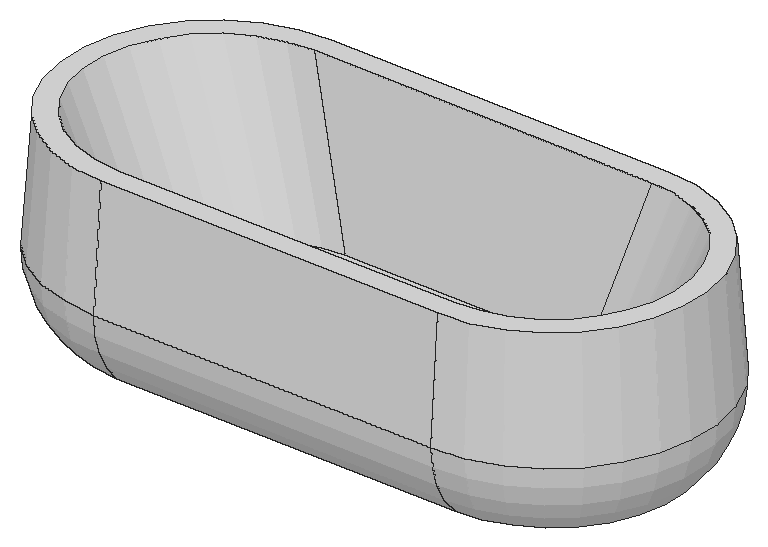
Revit family "Reece_Bath_LAUFEN_ILBAGNOALESSI ONE_Freestanding Bath_1830 mm", category Plumbing Fixtures, Revit 2018
Family settings
  Round Connector Dimension = Use Diameter
  Part Type = Normal
  Work Plane-Based = Yes
  Always vertical = Yes
  Cut with Voids When Loaded = Yes
  Shared = Yes
  Room Calculation Point = Yes
Parameters (values of type "240 L_Sentec Solid Surface_White")
  URL = "https://www.reece.com.au/product/-1708303"
  Type Comments = "Bath"
  Reece_Product_Web Page = "https://www.reece.com.au/product/-1708303"
  Reece_Product_Type = "Bath"  # constant formula
  Reece_Product_Sub Brand = "ILBAGNOALESSI ONE"  # constant formula
  Reece_Product_Number = "1708303"
  Reece_Product_Mount = "Floor Mounted"
  Reece_Product_Description = "LAUFEN Alessi Freestanding Bath with Overflow 1830 x 870 Sentec White"
  Reece_Product_Brand = "LAUFEN"  # constant formula
  Reece_Overall_Width = 870 mm  # constant formula
  Reece_Overall_Length = 1830 mm  # constant formula
  Reece_Overall_Height = 530 mm  # constant formula
  Reece_Overall_Capacity = 240 L  # constant formula
  Reece_Material_Secondary = Reece_Brass_Chrome
  Reece_Material_Main = Reece_Sentec_Solid_Surface_White
  Reece_Detail_Shape = ""
  Reece_Detail_Installation = ""
  Reece_Detail_Disclaimer = "THIS FILE IS THE PROPERTY OF THE REECE GROUP. IT MAY NOT BE REPRODUCED, REVERSE-ENGINEERED OR MODIFIED. ANY REPUBLICATION, TRANSMISSION OR DISTRIBUTION FOR THE PURPOSE OF COMMERCIALLY EXPLOITING THE FILES IS PROHIBITED."  # constant formula
  Reece_Detail_Connector = ""
  Reece_Detail_Additional = ""
  Reece_Bath_Outlet = 52 mm  # constant formula
  Model = "ILBAGNOALESSI ONE"
  Manufacturer = "LAUFEN"
  Keynote = "Product #1708303, Reece_Bath_LAUFEN_ILBAGNOALESSI ONE_Freestanding Bath_1830 mm - 240 L_Sentec Solid Surface_White"
  Disclaimer = "THIS FILE IS THE PROPERTY OF THE REECE GROUP. IT MAY NOT BE REPRODUCED, REVERSE-ENGINEERED OR MODIFIED. ANY REPUBLICATION, TRANSMISSION OR DISTRIBUTION FOR THE PURPOSE OF COMMERCIALLY EXPLOITING THE FILES IS PROHIBITED."  # constant formula
  Description = "LAUFEN Alessi Freestanding Bath with Overflow 1830 x 870 Sentec White"
  Default Elevation = 0 mm
Types (2, lengths in mm): name | Keynote
  (no name) | "Product #1708303, Reece_Bath_LAUFEN_ILBAGNOALESSI ONE_Freestanding Bath_1830 mm -  "
  240 L_Sentec Solid Surface_White | "Product #1708303, Reece_Bath_LAUFEN_ILBAGNOALESSI ONE_Freestanding Bath_1830 mm - 240 L_Sentec Solid Surface_White"
Reference planes
  plane 1 "Center (Front/Back)": y = 0
  plane 2 "Bottom Host Plane": z = 0
  plane 3 "Center (Left/Right)": x = 0
  plane 4 "left": x = -915
  plane 5 "left base": x = -830
  plane 6 "back base": y = 250
  plane 7 "Center L/S": x = 915
  plane 8 "Center L/T": x = 830
  plane 9 "Center L/U": x = -890
  plane 10 "Center L/V": x = 890
  plane 11 "Center L/X": x = -635
  plane 12 "Center L/Y": x = 635
  plane 13 "Center L/Z": y = -250
  plane 14 "Center L/AA": y = 290
  plane 15 "Center L/BB": y = -290
  plane 16 "Center L/CC": y = 350
  plane 17 "Center L/DD": y = -350
  plane 18 "Center L/EE": y = 410
  plane 19 "Center L/FF": y = -410
  plane 20 "Center L/GG": y = 435
  plane 21 "Center L/HH": y = -435
  plane 22 "Center L/II": x = -225
  plane 23 "Center L/JJ": x = 225
  plane 24 "Center L/MM": x = -430
  plane 25: z = 530
  plane 26 "base": z = 70
  plane 27: z = 518
  plane 28 "Center L/W": z = 0
  plane 29 "Center L/KK": z = 82
Forms (mm)
  Sweep 1, solid, material "Reece_Sentec_Solid_Surface_White" <- "Reece_Material_Main"
    path in 3D
      loop
        line (-480, -435, 70) -> (480, -435, 70)
        arc (480, -435, 70) -> (915, 0, 70) -> (480, 435, 70) r 435
        line (480, 435, 70) -> (-480, 435, 70)
        arc (-480, 435, 70) -> (-915, 0, 70) -> (-480, -435, 70) r 435
    profile origin (-915, 0, 70) x (1, 0, 0) y (0, 0, 1)
      loop
        arc (25, 460) -> (5.782, 294.682) -> (0.179, 128.345) r 2028.854
        arc (0.179, 128.345) -> (22.653, 20.647) -> (85, -70) r 279.122
        line (85, -70) -> (274.821, -70) -> (274.821, 460) -> (25, 460)
  Extrusion 2, solid, material "Reece_Sentec_Solid_Surface_White" <- "Reece_Material_Main"
    sketch origin (0, 0, 0) x (1, 0, 0) y (0, 1, 0)
      loop
        arc (-480, 160.179) -> (-640.179, 0) -> (-480, -160.179) r 160.179
        line (-480, -160.179) -> (480, -160.179)
        arc (480, -160.179) -> (640.179, 0) -> (480, 160.179) r 160.179
        line (480, 160.179) -> (-480, 160.179)
      loop
        circle (0, 0) r 26
    from 270.314 to 0
  Extrusion 3, void
    sketch origin (0, 0, 160) x (-1, 0, 0) y (0, -1, 0)
      loop
        line (225, -250) -> (225, 250) -> (-225, 250) -> (-225, -250) -> (225, -250)
    from -90 to -160
  Blend 4, void
    base sketch origin (0, 0, -90) x (1, 0, 0) y (0, 1, 0)
      loop
        arc (-345, 290) -> (-635, 0) -> (-345, -290) r 290
        line (-345, -290) -> (345, -290)
        arc (345, -290) -> (635, 0) -> (345, 290) r 290
        line (345, 290) -> (-345, 290)
    top sketch origin (0, 0, -90) x (1, 0, 0) y (0, 1, 0)
      loop
        line (480, 350) -> (-480, 350)
        arc (-480, 350) -> (-830, 0) -> (-480, -350) r 350
        line (-480, -350) -> (480, -350)
        arc (480, -350) -> (830, 0) -> (480, 350) r 350
    from 172 to 620
  Revolve 5, solid, material "Reece_Sentec_Solid_Surface_White" <- "Reece_Material_Main"
    sketch origin (0, 0, -61.25) x (0, 1, 0) y (0, 0, 1)
      loop
        line (21, 138.25) -> (25.768, 145.059) -> (39.389, 145.059) -> (39.389, 147.347)
        arc (39.389, 147.347) -> (26.682, 149.787) -> (13.769, 150.605) r 102.363
        line (13.769, 150.605) -> (0, 150.605) -> (0, 138.25) -> (21, 138.25)
      axis (0, 150.605) -> (0, 138.25)
    angle from 0 to 360
Cuts and joins
  Extrusion 3, Blend 4 cuts Sweep 1
  Extrusion 3, Blend 4 cuts Extrusion 2
  joined: Sweep 1, Extrusion 2
Lines and regions (mm)
  sketch lines
    curve 1: arc (-480, 435, 70) -> (-915, 0, 70) -> (-480, -435, 70) r 435
    curve 2: line (-480, 435, 70) -> (480, 435, 70)
    curve 3: arc (480, 435, 70) -> (915, 0, 70) -> (480, -435, 70) r 435
    curve 4: line (-480, -435, 70) -> (480, -435, 70)
Text (mm)
  text "Reece ©" at (3118.559, -1947.492, 2950.761), in view "Reece Preview"
  text "Reece Copyright © 2018, Reece Ltd." at (-1199.464, -510.852, 0), in view "Ref. Level"
Dimensions and locks
  equal spacing: plane 7 "Center L/S", plane 3 "Center (Left/Right)", plane 4 "left"
  "Reece_Overall_Length": plane 7 "Center L/S" to plane 4 "left"
  equal spacing: plane 8 "Center L/T", plane 3 "Center (Left/Right)", plane 5 "left base"
  plane 8 "Center L/T" to plane 10 "Center L/V" = 60 mm
  plane 5 "left base" to plane 9 "Center L/U" = 60 mm
  plane 8 "Center L/T" to plane 5 "left base" = 1660 mm
  plane 3 "Center (Left/Right)" to plane 11 "Center L/X" = 635 mm
  plane 11 "Center L/X" to plane 12 "Center L/Y" = 1270 mm
  equal spacing: plane 11 "Center L/X", plane 3 "Center (Left/Right)", plane 12 "Center L/Y"
  plane 5 "left base" to plane 8 "Center L/T" = 1660 mm
  plane 9 "Center L/U" to plane 10 "Center L/V" = 1780 mm
  plane 4 "left" to plane 7 "Center L/S" = 1830 mm
  plane 13 "Center L/Z" to plane 6 "back base" = 500 mm
  equal spacing: plane 15 "Center L/BB", plane 1 "Center (Front/Back)", plane 14 "Center L/AA"
  plane 14 "Center L/AA" to plane 15 "Center L/BB" = 580 mm
  equal spacing: plane 17 "Center L/DD", plane 1 "Center (Front/Back)", plane 16 "Center L/CC"
  plane 18 "Center L/EE" to plane 16 "Center L/CC" = 60 mm
  plane 19 "Center L/FF" to plane 17 "Center L/DD" = 60 mm
  plane 16 "Center L/CC" to plane 17 "Center L/DD" = 700 mm
  equal spacing: plane 21 "Center L/HH", plane 1 "Center (Front/Back)", plane 20 "Center L/GG"
  "Reece_Overall_Width": plane 20 "Center L/GG" to plane 21 "Center L/HH"
  equal spacing: plane 22 "Center L/II", plane 3 "Center (Left/Right)", plane 23 "Center L/JJ"
  plane 25 to plane 26 "base" = 460 mm
  "Reece_Overall_Height": plane 25 to plane 28 "Center L/W"
Automatic sketch dimensions
  Sweep 1 sketch curve to profile plane = 25 mm
  Sweep 1 sketch curve to profile plane = 85 mm
  Sweep 1 sketch curve to Sweep 1 sketch curve = 249.821 mm
  profile plane to Sweep 1 sketch curve = 130.398 mm
  Sweep 1 sketch curve to Sweep 1 sketch curve = 4.472 mm
  profile plane to Sweep 1 sketch curve = 143.264 mm
  Sweep 1 sketch curve to Sweep 1 sketch curve = 1749.685 mm
  Sweep 1 sketch curve to profile plane = 70 mm
  Sweep 1 sketch curve to Sweep 1 sketch curve = 329.602 mm
  plane 1 "Center (Front/Back)" to Extrusion 2 sketch curve = 0 mm  (x2)
  Extrusion 2 sketch curve to plane 3 "Center (Left/Right)" = 0 mm
  Extrusion 2 sketch curve to plane 24 "Center L/MM" = 50 mm
  plane 12 "Center L/Y" to Extrusion 2 sketch curve = 155 mm
  Extrusion 2 sketch curve to plane 13 "Center L/Z" = 89.821 mm
  Extrusion 3 sketch curve to plane 6 "back base" = 0 mm
  Extrusion 3 sketch curve to plane 23 "Center L/JJ" = 0 mm
  plane 13 "Center L/Z" to Extrusion 3 sketch curve = 0 mm
  Extrusion 3 sketch curve to plane 22 "Center L/II" = 0 mm
  Blend 4 sketch curve to plane 14 "Center L/AA" = 0 mm
  plane 1 "Center (Front/Back)" to Blend 4 sketch curve = 0 mm
  plane 24 "Center L/MM" to Blend 4 sketch curve = 85 mm
  Blend 4 sketch curve to plane 23 "Center L/JJ" = 120 mm
  plane 17 "Center L/DD" to Blend 4 sketch curve = 0 mm
  Blend 4 sketch curve to plane 16 "Center L/CC" = 0 mm
  Blend 4 sketch curve to plane 24 "Center L/MM" = 50 mm
  plane 12 "Center L/Y" to Blend 4 sketch curve = 155 mm
  Revolve 5 sketch curve to plane 1 "Center (Front/Back)" = 0 mm  (x2)
  Revolve 5 sketch curve to Revolve 5 sketch curve = 13.769 mm
  plane 29 "Center L/KK" to Revolve 5 sketch curve = 1.809 mm
  Revolve 5 sketch curve to Revolve 5 sketch curve = 4.768 mm
  Revolve 5 sketch curve to Revolve 5 sketch curve = 13.622 mm
  Revolve 5 sketch curve to level = 13.008 mm
  Revolve 5 sketch curve to Revolve 5 sketch curve = 2.288 mm
  Revolve 5 sketch curve to Revolve 5 sketch curve = 91.395 mm
  Revolve 5 sketch curve to Revolve 5 sketch curve = 30 mm
  Revolve 5 sketch curve to plane 29 "Center L/KK" = 5 mm
  Revolve 5 sketch curve to Revolve 5 sketch curve = 7.231 mm
  radius of Extrusion 2 sketch curve = 26 mm
Connectors
  piping at (0, 0, 0), diameter 52, driven by "Reece_Bath_Outlet"
    settings: on Revolve 5, index 5, connector inside diameter 609.6 mm, connector length 0 mm, flow factor 0, pipe flow 0.0 L/s, pressure drop 0.0 Pa, fitting loss kfactor 0, connector angle 0.00°, fixture units 0, engagement length 0 mm, angle of deflection 0.00°, flow configuration 0, flow direction 2, fitting loss method 0, system type 16, joint type 0, gender type 0, connector reference index -1, connector utility 0, adjustable connector no, is connector primary yes, connector description ""
